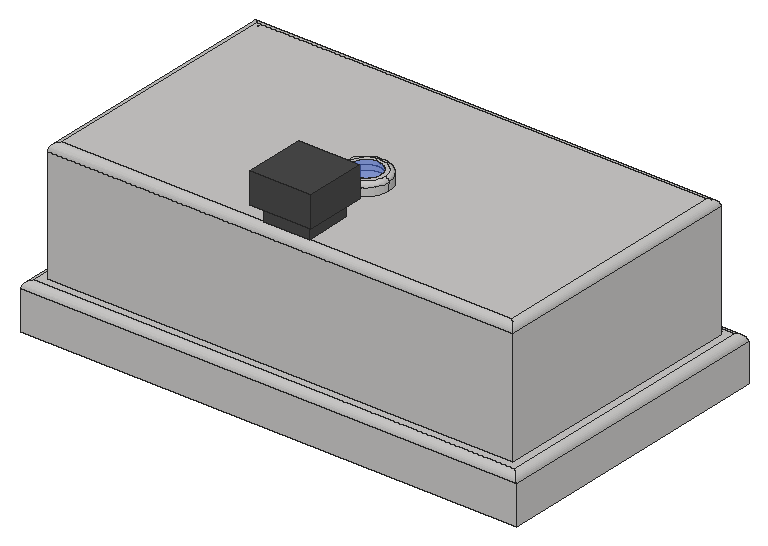
Revit family "RBA BIM - B2111", category Specialty Equipment, host Face, Revit 2013
Parameters (values of type "B-2112")
  Width = 0.206375 m
  URL = "www.rba.com.au"
  Type Comments = ""
  Radius = 0.00635 m
  Product Page URL = ""
  Product Name = "Classic Series Surface Mounted Soap Dispenser"
  Model = "B-2112"
  Manufacturer = "RBA Group"
  Length = 0.12065 m
  Finish Material = Stainless Steel-Bobrick
  Default Elevation = 1.2192 m
  Assembly Code = "C1030210"
  ADA Compliant = yes
Types (3, lengths in m): name | Width | Model | Length
  (no name) | 0.206375 | "B-2112" | 0.12065
  B-2111 | 0.12065 | "B-2111" | 0.206375
  B-2112 | 0.206375 | "B-2112" | 0.12065
Reference planes (m)
  plane 1 "Center (Front/Back)": y = 0
  plane 2: z = 0
  plane 3 "Center (Left/Right)": x = 0
  plane 4: y = -0.12065
  plane 5: x = -0.103187
  plane 6: x = 0.103188
  plane 7 "Front": z = 0.06985
  plane 8: y = -0.0127
  plane 9: y = -0.007938
  plane 10: y = -0.00635
  plane 11: y = -0.001588
  plane 12: z = 0.068262
  plane 13: z = 0.017462
  plane 14: z = 0.01905
  plane 15: y = -0.06985
  plane 16: y = -0.060325
  plane 17: y = -0.079375
  plane 18: z = 0.074612
  plane 19: z = 0.073025
  plane 20: y = -0.077788
  plane 21: y = -0.076162
  plane 22: y = -0.111125
  plane 23: y = -0.092075
  plane 24: x = 0.009525
  plane 25: x = -0.009525
  plane 26: z = 0.0762
  plane 27: x = 0.0127
  plane 28: x = -0.0127
  plane 29: y = -0.088882
  plane 30: y = -0.1143
  plane 31: z = 0.0889
  plane 32: y = -0.00635
  plane 33: x = -0.096837
  plane 34: x = 0.096837
Forms (m)
  Sweep 1, solid, material "Stainless Steel-Bobrick" <- "Finish Material"
    path origin (0, 0, 0) x (1, 0, 0) y (0, 1, 0)
      loop
        line (-0.103187, -0.12065) -> (0.103188, -0.12065) -> (0.103188, 0) -> (-0.103187, 0) -> (-0.103187, -0.12065)
    profile origin (0, 0, 0) x (0, 1, 0) y (0, 0, 1)
      loop
        line (0, 0) -> (0, 0.015875)
        arc (0, 0.015875) -> (-0.00093, 0.01812) -> (-0.003175, 0.01905) r 0.003175
        line (-0.003175, 0.01905) -> (-0.00635, 0.01905) -> (-0.00635, 0.066675)
        arc (-0.00635, 0.066675) -> (-0.00728, 0.06892) -> (-0.009525, 0.06985) r 0.003175
        line (-0.009525, 0.06985) -> (-0.0127, 0.06985) -> (-0.0127, 0.068262) -> (-0.009525, 0.068262)
        arc (-0.009525, 0.068262) -> (-0.008402, 0.067798) -> (-0.007937, 0.066675) r 0.001587
        line (-0.007937, 0.066675) -> (-0.007937, 0.017462) -> (-0.003175, 0.017462)
        arc (-0.003175, 0.017462) -> (-0.002052, 0.016998) -> (-0.001587, 0.015875) r 0.001587
        line (-0.001587, 0.015875) -> (-0.001587, 0) -> (0, 0)
  Extrusion 2, solid, material "Stainless Steel-Bobrick" <- "Finish Material"
    sketch origin (0, 0, 0) x (1, 0, 0) y (0, 1, 0)
      loop
        line (-0.090487, -0.0127) -> (-0.090487, -0.10795) -> (0.090487, -0.10795) -> (0.090487, -0.0127) -> (-0.090487, -0.0127)
    from 0.068262 to 0.06985
  Sweep 3, solid, material "Stainless Steel-Bobrick" <- "Finish Material"
    path origin (0, 0, 0.06985) x (-1, 0, 0) y (0, -1, 0)
      loop
        circle (0, 0.06985) r 0.009525
    profile origin (0, -0.079375, 0.06985) x (0, 1, 0) y (0, 0, 1)
      loop
        line (0, 0) -> (0.001588, 0) -> (0.001588, 0.003175) -> (0.003213, 0.003175) -> (0.003213, 0.004763) -> (0.001588, 0.004763)
        arc (0.001588, 0.004763) -> (0.000465, 0.004298) -> (0, 0.003175) r 0.001587
        line (0, 0.003175) -> (0, 0)
  Extrusion 4, solid, material "Glass-Bobrick-Soap Dispenser"
    sketch origin (0, 0, 0.06985) x (-1, 0, 0) y (0, -1, 0)
      loop
        circle (0, 0.06985) r 0.00635
    from 0.003175 to 0.004763
  Extrusion 5, solid, material "Plastic-Bobrick-Soap Dispenser-Black"
    sketch origin (0, 0, 0.06985) x (-1, 0, 0) y (0, -1, 0)
      loop
        line (0.009525, 0.092075) -> (0.009525, 0.111125) -> (-0.009525, 0.111125) -> (-0.009525, 0.092075) -> (0.009525, 0.092075)
    from 0 to 0.00635
  Extrusion 6, solid, material "Plastic-Bobrick-Soap Dispenser-Black"
    sketch origin (0, 0, 0.06985) x (-1, 0, 0) y (0, -1, 0)
      loop
        line (0.0127, 0.088882) -> (0.0127, 0.1143) -> (-0.0127, 0.1143) -> (-0.0127, 0.088882) -> (0.0127, 0.088882)
    from 0.00635 to 0.01905
Cuts and joins
  joined: Sweep 1, Extrusion 2
Lines and regions (m)
  Masking region 1
    outline origin (0, 0, 0.06985) x (-1, 0, 0) y (0, -1, 0)
      loop
        line (0.10323, -0.000044) -> (0.10323, 0.120694) -> (-0.10323, 0.120694) -> (-0.10323, -0.000044) -> (0.10323, -0.000044)
  Masking region 2
    outline origin (0, 0, 0) x (0, 1, 0) y (0, 0, 1)
      loop
        line (0, 0) -> (0, 0.015875)
        arc (0, 0.015875) -> (-0.00093, 0.01812) -> (-0.003175, 0.01905) r 0.003175
        line (-0.003175, 0.01905) -> (-0.00635, 0.01905) -> (-0.00635, 0.066675)
        arc (-0.00635, 0.066675) -> (-0.00728, 0.06892) -> (-0.009525, 0.06985) r 0.003175
        line (-0.009525, 0.06985) -> (-0.060325, 0.06985) -> (-0.060325, 0.073038)
        arc (-0.060325, 0.073038) -> (-0.060786, 0.074151) -> (-0.0619, 0.074612) r 0.001575
        line (-0.0619, 0.074612) -> (-0.077762, 0.074612)
        arc (-0.077762, 0.074612) -> (-0.078902, 0.07414) -> (-0.079375, 0.072999) r 0.001613
        line (-0.079375, 0.072999) -> (-0.079375, 0.06985) -> (-0.092075, 0.06985) -> (-0.092075, 0.0762) -> (-0.088882, 0.0762) -> (-0.088882, 0.0889) -> (-0.1143, 0.0889) -> (-0.1143, 0.0762) -> (-0.111125, 0.0762) -> (-0.111125, 0.06985)
        arc (-0.111125, 0.06985) -> (-0.11337, 0.06892) -> (-0.1143, 0.066675) r 0.003175
        line (-0.1143, 0.066675) -> (-0.1143, 0.01905) -> (-0.117475, 0.01905)
        arc (-0.117475, 0.01905) -> (-0.11972, 0.01812) -> (-0.12065, 0.015875) r 0.003175
        line (-0.12065, 0.015875) -> (-0.12065, 0) -> (0, 0)
  Masking region 3
    outline origin (0, 0, 0) x (1, 0, 0) y (0, 0, 1)
      loop
        line (0.103188, 0) -> (0.103188, 0.016112)
        spline (0.103188, 0.016112) -> (0.10307, 0.016569) -> (0.102915, 0.017003) -> (0.102725, 0.017409) -> (0.102502, 0.01778) -> (0.102251, 0.018111) -> (0.101974, 0.018396) -> (0.101675, 0.018633) -> (0.10136, 0.018818) -> (0.101032, 0.018947) -> (0.100696, 0.019019) -> (0.100357, 0.019033) -> (0.10002, 0.018989)
        line (0.10002, 0.018989) -> (0.096837, 0.018989) -> (0.096837, 0.066912)
        spline (0.096837, 0.066912) -> (0.096734, 0.067322) -> (0.0966, 0.067715) -> (0.096438, 0.068085) -> (0.096249, 0.068429) -> (0.096036, 0.068743) -> (0.0958, 0.069022) -> (0.095546, 0.069265) -> (0.095275, 0.069467) -> (0.094991, 0.069627) -> (0.094697, 0.069742) -> (0.094397, 0.069812) -> (0.094093, 0.069835)
        line (0.094093, 0.069835) -> (-0.094103, 0.06985)
        spline (-0.094103, 0.06985) -> (-0.094411, 0.069812) -> (-0.094715, 0.069743) -> (-0.095011, 0.069629) -> (-0.095296, 0.069471) -> (-0.095568, 0.069271) -> (-0.095822, 0.069031) -> (-0.096056, 0.068754) -> (-0.096267, 0.068443) -> (-0.096452, 0.068102) -> (-0.09661, 0.067735) -> (-0.096739, 0.067346) -> (-0.096837, 0.066938)
        line (-0.096837, 0.066938) -> (-0.096837, 0.018989) -> (-0.100018, 0.018989)
        spline (-0.100018, 0.018989) -> (-0.100362, 0.019033) -> (-0.100707, 0.01902) -> (-0.101047, 0.018948) -> (-0.101378, 0.018821) -> (-0.101696, 0.018638) -> (-0.101995, 0.018404) -> (-0.102271, 0.018121) -> (-0.10252, 0.017793) -> (-0.10274, 0.017426) -> (-0.102926, 0.017023) -> (-0.103076, 0.016592) -> (-0.103187, 0.016138)
        line (-0.103187, 0.016138) -> (-0.103187, 0) -> (0.103188, 0)
  symbolic lines, style "Soap Dispenser"
    curve 1: line (-0.096837, -0.00635, 0.06985) -> (0.096837, -0.00635, 0.06985)
    curve 2: line (-0.096837, -0.1143, 0.06985) -> (-0.096837, -0.00635, 0.06985)
    curve 3: line (0.096837, -0.1143, 0.06985) -> (-0.096837, -0.1143, 0.06985)
    curve 4: line (0.096837, -0.00635, 0.06985) -> (0.096837, -0.1143, 0.06985)
    curve 5: line (-0.0127, -0.1143, 0.06985) -> (-0.0127, -0.088882, 0.06985)
    curve 6: line (-0.0127, -0.088882, 0.06985) -> (0.0127, -0.088882, 0.06985)
    curve 7: line (0.0127, -0.088882, 0.06985) -> (0.0127, -0.1143, 0.06985)
    curve 8: circle (0, -0.06985, 0) r 0.009525 normal (0, 0, 1)
    curve 9: circle (0, -0.06985, 0) r 0.00635 normal (0, 0, 1)
    curve 10: line (0, -0.060325, 0.06985) -> (0, -0.079375, 0.06985)
    curve 11: line (0, -0.092075, 0.06985) -> (0, -0.111125, 0.06985)
    curve 12: line (0, -0.092075, 0.0762) -> (0, -0.111125, 0.0762)
    curve 13: line (0, -0.00635, 0.01905) -> (0, -0.1143, 0.01905)
    curve 14: line (0.096837, 0, 0.018989) -> (-0.096837, 0, 0.018989)
Dimensions and locks (m)
  equal spacing: plane 5, plane 3 "Center (Left/Right)", plane 6
  "Width": plane 5 to plane 6
  "Length": plane 4 to plane 1 "Center (Front/Back)"
  locked: plane 7 "Front" to level at 0.06985
  plane 1 "Center (Front/Back)" to plane 4 = 0.12065 m
  locked: plane 13 to level at 0.017462
  locked: plane 13 to plane 14 at 0.001588
  locked: plane 14 to plane 12 at 0.049212
  locked: plane 1 "Center (Front/Back)" to plane 11 at 0.001588
  locked: plane 11 to plane 10 at 0.004763
  locked: plane 10 to plane 9 at 0.001587
  locked: plane 9 to plane 8 at 0.004762
  locked: plane 15 to plane 4 at 0.0508
  equal spacing: plane 17, plane 15, plane 16
  locked: plane 17 to plane 16 at 0.01905
  locked: plane 18 to plane 19 at 0.001588
  locked: plane 19 to plane 7 "Front" at 0.003175
  locked: plane 20 to plane 17 at 0.001588
  locked: plane 21 to plane 20 at 0.001626
  locked: plane 22 to plane 4 at 0.009525
  locked: plane 23 to plane 22 at 0.01905
  equal spacing: plane 25, plane 3 "Center (Left/Right)", plane 24
  locked: plane 25 to plane 24 at 0.01905
  locked: plane 26 to plane 7 "Front" at 0.00635
  locked: plane 22 to plane 30 at 0.003175
  locked: plane 29 to plane 23 at 0.003193
  locked: plane 28 to plane 25 at 0.003175
  locked: plane 24 to plane 27 at 0.003175
  locked: plane 31 to plane 26 at 0.0127
  locked: plane 1 "Center (Front/Back)" to plane 32 at 0.00635
  locked: plane 33 to plane 5 at 0.00635
  locked: plane 34 to plane 6 at 0.00635
  "Radius": radius of Extrusion 4 sketch curve
  aligned and locked: plane 2 to host face
  aligned and locked: level to host face
  aligned and locked: plane 1 "Center (Front/Back)" to Sweep 1 sketch curve  (x2)
  aligned and locked: plane 6 to Sweep 1 sketch curve
  aligned and locked: plane 4 to Sweep 1 sketch curve
  aligned and locked: plane 5 to Sweep 1 sketch curve
  aligned and locked: Sweep 1 sketch curve to plane 8
  aligned and locked: Sweep 1 sketch curve to plane 7 "Front"
  aligned and locked: plane 12 to Sweep 1 sketch curve
  aligned and locked: plane 9 to Sweep 1 sketch curve
  aligned and locked: plane 10 to Sweep 1 sketch curve
  aligned and locked: plane 14 to Sweep 1 sketch curve
  aligned and locked: plane 13 to Sweep 1 sketch curve
  aligned and locked: plane 11 to Sweep 1 sketch curve
  aligned and locked: Sweep 1 sketch curve to level
  aligned and locked: Extrusion 2 sketch curve to Sweep 1  (x4)
  aligned and locked: Sweep 1 to Extrusion 2
  aligned and locked: plane 7 "Front" to Extrusion 2
  aligned and locked: plane 17 to Sweep 3 sketch curve
  aligned and locked: Sweep 3 sketch curve to plane 7 "Front"
  aligned and locked: Sweep 3 sketch curve to plane 18
  aligned and locked: plane 21 to Sweep 3 sketch curve
  aligned and locked: Sweep 3 sketch curve to plane 19
  aligned and locked: plane 20 to Sweep 3 sketch curve
  aligned and locked: Extrusion 4 to Sweep 3
  aligned and locked: Sweep 3 to Extrusion 4
  aligned and locked: Extrusion 5 sketch curve to plane 23
  aligned and locked: plane 25 to Extrusion 5 sketch curve
  aligned and locked: plane 22 to Extrusion 5 sketch curve
  aligned and locked: Extrusion 5 sketch curve to plane 24
  aligned and locked: plane 26 to Extrusion 5
  aligned and locked: Extrusion 5 to plane 7 "Front"
  aligned and locked: Extrusion 6 sketch curve to plane 29
  aligned and locked: plane 28 to Extrusion 6 sketch curve
  aligned and locked: plane 30 to Extrusion 6 sketch curve
  aligned and locked: Extrusion 6 sketch curve to plane 27
  aligned and locked: Extrusion 6 to Extrusion 5
  aligned and locked: plane 31 to Extrusion 6
  aligned and locked: Masking region 1 sketch curve to cut or joined group of Sweep 1, Extrusion 2  (x4)
  aligned and locked: curve 1 to plane 32
  aligned and locked: curve 2 to plane 33
  aligned and locked: plane 30 to curve 3
  aligned and locked: curve 4 to plane 34
  aligned and locked: plane 27 to Extrusion 6
  aligned and locked: plane 29 to Extrusion 6
  aligned and locked: Extrusion 6 to plane 28
  aligned and locked: Masking region 2 sketch curve to cut or joined group of Sweep 1, Extrusion 2  (x5)
  aligned and locked: plane 4 to Masking region 2 sketch curve
  aligned and locked: plane 1 "Center (Front/Back)" to Masking region 2 sketch curve
  aligned and locked: Masking region 2 sketch curve to host face
  aligned and locked: Masking region 2 sketch curve to Extrusion 6
  aligned and locked: Masking region 2 sketch curve to plane 29
  aligned and locked: plane 26 to Masking region 2 sketch curve  (x2)
  aligned and locked: plane 22 to Masking region 2 sketch curve
  aligned and locked: Masking region 2 sketch curve to plane 23
  aligned and locked: plane 17 to Masking region 2 sketch curve
  aligned and locked: Masking region 2 sketch curve to plane 16
  aligned and locked: Masking region 2 sketch curve to Extrusion 4
  aligned and locked: plane 7 "Front" to Masking region 2 sketch curve
  aligned and locked: plane 16 to curve 10
  aligned and locked: plane 17 to curve 10
  aligned and locked: curve 10 to plane 7 "Front"
  aligned and locked: plane 23 to curve 11
  aligned and locked: plane 22 to curve 11
  aligned and locked: curve 11 to plane 7 "Front"
  aligned and locked: plane 23 to curve 12
  aligned and locked: plane 22 to curve 12
  aligned and locked: curve 12 to plane 26
  aligned and locked: plane 32 to curve 13
  aligned and locked: plane 30 to curve 13
  aligned and locked: curve 13 to cut or joined group of Sweep 1, Extrusion 2
  aligned and locked: Masking region 3 sketch curve to plane 6
  aligned and locked: Masking region 3 sketch curve to plane 34
  aligned and locked: plane 7 "Front" to Masking region 3 sketch curve
  aligned and locked: plane 33 to Masking region 3 sketch curve
  aligned and locked: plane 5 to Masking region 3 sketch curve
  aligned and locked: host face to Masking region 3 sketch curve
  aligned and locked: Masking region 3 to curve 14
  aligned and locked: plane 34 to curve 14
  aligned and locked: curve 14 to plane 33
Automatic sketch dimensions
  host sketch curve to host sketch curve = 2.4384 m  (x2)
  Sweep 1 sketch curve to Sweep 1 sketch curve = 0.000 m  (x2)
  plane 9 to Sweep 1 sketch curve = 0.001587 m
  plane 11 to Sweep 1 sketch curve = 0.001588 m
  Sweep 3 sketch curve to plane 3 "Center (Left/Right)" = 0.000 m
  Sweep 3 sketch curve to plane 15 = 0.000 m
  Sweep 3 sketch curve to plane 19 = 0.000 m
  curve 6 to plane 27 = 0.000 m
  curve 5 to plane 28 = 0.000 m
  curve 7 to plane 29 = 0.000 m
  curve 8 to curve 9 = 0.000 m  (x2)
  curve 9 to plane 3 "Center (Left/Right)" = 0.000 m
  curve 9 to plane 15 = 0.000 m
  Masking region 2 sketch curve to plane 30 = 0.000 m
  Masking region 2 sketch curve to plane 17 = 0.001613 m
  Masking region 2 sketch curve to plane 16 = 0.001575 m
  plane 5 to Masking region 3 sketch curve = 0.002689 m
  plane 5 to Masking region 3 sketch curve = 0.002779 m
  Masking region 3 sketch curve to Masking region 3 sketch curve = 0.00048 m
  Masking region 3 sketch curve to plane 7 "Front" = 0.000015 m  (x2)
  Masking region 3 sketch curve to plane 33 = 0.002689 m
  Masking region 3 sketch curve to Masking region 3 sketch curve = 0.000046 m
  Masking region 3 sketch curve to Masking region 3 sketch curve = 0.000 m  (x2)
  Masking region 3 sketch curve to plane 33 = 0.002779 m
  Masking region 3 sketch curve to plane 34 = 0.002787 m
  Masking region 3 sketch curve to Masking region 3 sketch curve = 0.000043 m
  Masking region 3 sketch curve to plane 34 = 0.002699 m
  plane 6 to Masking region 3 sketch curve = 0.003168 m
  Masking region 3 sketch curve to Masking region 3 sketch curve = 0.000381 m
  plane 6 to Masking region 3 sketch curve = 0.002699 m
  level to Masking region 3 sketch curve = 0.015003 m  (x2)
  Masking region 3 sketch curve to Masking region 3 sketch curve = 0.001109 m  (x2)
  Masking region 3 sketch curve to Masking region 3 sketch curve = 0.001136 m
  Masking region 3 sketch curve to plane 7 "Front" = 0.002912 m
  Extrusion 4 sketch curve to plane 3 "Center (Left/Right)" = 0.000 m
  Extrusion 4 sketch curve to plane 15 = 0.000 m
  radius of Sweep 3 sketch curve = 0.009525 m
  radius of curve 8 = 0.009525 m
  radius of curve 9 = 0.00635 m
